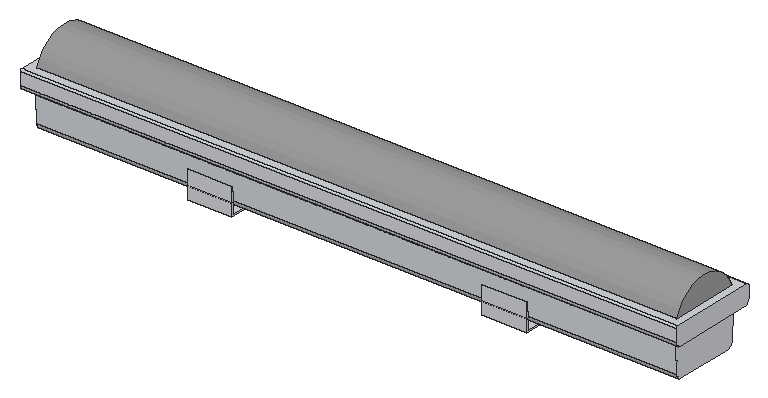
Revit family "0010203", category Lighting Fixtures, host Face, Revit 2017 (continued)
Types (60, lengths in mm): name | Weight | Wattage | TypeName | built-in parameter 1150134 | Photometric Web File | built-in parameter 1150142 | PowerFactor | PowerConsumption | NominalLength | Name | ModelReference | ModelNumber | Model | LuminousEfficacy | built-in parameter 1150105 | Lumens | LampNominalLuminous | LampMacAdamStep | LampColourTemperature | LENGHT_SYL | LENGHT_CHAMFER_SYL | LENGHT-_SYL | LENGHT-_CHAMFER_SYL | L0650_SYL | L1500_SYL | L1200_SYL | built-in parameter 1150107 | built-in parameter 1150106 | built-in parameter 1150104 | DocumentationLiterature | Description | BRACKET_WIDTH_SYL | BRACKET_DIST_SYL | Apparent Load
  0010244 RESISTO 1500 IP66 7100LM 840 | "15.48 kg" | 52 W | "Resisto  1500 IP66 7100lm 840" | 12 | "0010244.ies" | "IESNA:LM-63-2002\r\n[TEST] 0010244\r\n[TESTLAB] Sylvania\r\n[TESTDATE] 3 Nov 2020\r\n[ISSUEDATE] 3 Nov 2020\r\n[MANUFAC] Sylvania\r\n[LUMCAT] 0010244\r\n[LUMINAIRE] Resisto  1500 IP65 7100lm 840\r\n[FLASHAREA] 0.089789\r\n[LAMPCAT] 0010244 Resisto  1500 IP65 7100lm 840\r\n[LAMP] 0010244 Resisto  1500 IP65 7100lm 840\r\n[OTHER] Absolute Photometry\r\nTILT=NONE\r\n1 -1 1.0 37 5 1 2 0.087 1.500 0.040\r\n1.00 1.00 52.00\r\n0.00 5.00 10.00 15.00 20.00 25.00 30.00 35.00 40.00 45.00 \r\n50.00 55.00 60.00 65.00 70.00 75.00 80.00 85.00 90.00 \r\n95.00 100.00 105.00 110.00 115.00 120.00 125.00 130.00 \r\n135.00 140.00 145.00 150.00 155.00 160.00 165.00 170.00 \r\n175.00 180.00 \r\n0.00 22.50 45.00 67.50 90.00 \r\n2367.47 2356.02 2324.76 2272.20 2198.63 2105.24 1987.17 \r\n1846.52 1688.18 1517.62 1338.36 1156.08 971.57 783.85 \r\n591.59 393.32 202.43 52.39 6.01 6.30 6.57 6.76 7.10 7.68 \r\n8.39 9.20 10.13 11.16 12.31 13.49 14.68 15.88 17.00 18.00 \r\n18.82 19.40 19.74 \r\n2367.47 2349.24 2296.67 2224.41 2147.44 2064.85 1969.74 \r\n1864.14 1753.47 1637.55 1496.04 1306.61 1062.42 799.80 \r\n568.49 386.68 253.61 155.92 88.10 42.34 20.69 8.20 8.36 \r\n8.98 9.63 10.20 10.85 11.66 12.58 13.56 14.58 15.60 16.62 \r\n17.58 18.40 19.03 19.74 \r\n2367.47 2328.60 2259.79 2218.67 2171.13 2138.40 2120.20 \r\n2071.15 1967.59 1757.24 1446.66 1125.84 867.94 675.23 \r\n529.82 419.20 329.31 252.14 190.91 142.68 97.88 59.77 \r\n33.65 17.18 13.00 13.06 13.10 13.13 13.40 14.02 14.79 \r\n15.60 16.48 17.37 18.17 18.79 19.74 \r\n2367.47 2314.26 2259.55 2234.81 2232.44 2253.44 2231.61 \r\n2133.96 1911.56 1589.01 1283.83 1043.67 851.91 704.01 \r\n595.10 503.61 411.49 330.33 264.35 193.78 120.32 80.62 \r\n53.27 34.65 21.87 14.63 14.47 14.48 14.40 14.43 14.88 \r\n15.65 16.45 17.33 18.17 18.86 19.74 \r\n2367.47 2303.57 2263.14 2242.32 2275.54 2286.48 2253.15 \r\n2110.69 1838.62 1518.82 1247.27 1030.13 856.34 727.33 \r\n628.76 536.67 440.52 354.88 277.57 188.41 117.32 83.97 \r\n59.81 43.31 30.25 20.51 17.63 17.42 17.29 17.13 17.24 \r\n17.82 18.54 19.20 19.71 19.97 19.74 \r\n" | 0.95 | "52.0 W" | 1500 | "Resisto  1500 IP66 7100lm 840" | "Resisto  1500 IP66 7100lm 840" | "0010244" | "Resisto  1500 IP66 7100lm 840" | "137 lm/W" | -16865856.3 (stored number, unit not read) | 7124 lm | "7100 lm" | "5" | "4000 K" | 742 | 750 | -742 | -750 | no | yes | no | 4000 (stored number, unit not read) | -168658.6 (stored number, unit not read) | 12.728 (stored number, unit not read) | "http://www.sylvania-lighting.com/product/en-int/products/0010244" | "Resisto, integrated LED weatherproof luminaire, with UV stabilized flat diffuser designed to achieve uniform lit appearance, optimise light output and to reduce glare. 301 stainless steel diffuser clips and fixing brackets for surface mounting. Polycarbonate housing and diffuser - no yellow discolouration over time. 7100lm; 52W; 137lm/W; 4000K; SDCM<5; non dimmable; CRI80; IP66; IK08; Class I; 69,000hrs (L80B20) lifespan; 1500mm x 89mm x 88mm; D-mark." | 550 | 594 | 52 VA
  0010243 RESISTO 1500 IP66 4000LM 840 | "1.87 kg" | 30 W | "Resisto  1500 IP66 4000lm 840" | 12 | "0010243.ies" | "IESNA:LM-63-2002\r\n[TEST] 0010243\r\n[TESTLAB] Sylvania\r\n[TESTDATE] 27 Jan 2000\r\n[ISSUEDATE] 27 Jan 2000\r\n[MANUFAC] Sylvania\r\n[LUMCAT] 0010243\r\n[LUMINAIRE] RESISTO 1500 IP66 4000LM 840\r\n[FLASHAREA] 0.089789\r\n[LAMPCAT] 0010243 RESISTO 1500 IP66 4000LM 840\r\n[LAMP] 0010243 RESISTO 1500 IP66 4000LM 840\r\nTILT=NONE\r\n1 4000.00 1.0 37 5 1 2 1.500 0.087 0.040\r\n1.00 1.00 30.00\r\n0.00 5.00 10.00 15.00 20.00 25.00 30.00 35.00 40.00 45.00 \r\n50.00 55.00 60.00 65.00 70.00 75.00 80.00 85.00 90.00 \r\n95.00 100.00 105.00 110.00 115.00 120.00 125.00 130.00 \r\n135.00 140.00 145.00 150.00 155.00 160.00 165.00 170.00 \r\n175.00 180.00 \r\n0.00 22.50 45.00 67.50 90.00 \r\n1286.32 1268.98 1235.94 1226.29 1235.67 1250.19 1239.32 \r\n1175.04 1040.45 866.98 712.81 589.01 489.23 414.91 359.03 \r\n307.98 254.03 204.75 161.70 113.20 70.90 50.03 36.06 \r\n26.60 18.72 12.48 9.85 9.61 9.50 9.38 9.42 9.69 10.16 \r\n10.56 10.83 10.95 10.79 \r\n1286.32 1269.18 1235.63 1223.42 1220.13 1235.35 1227.78 \r\n1181.71 1069.65 900.02 732.90 597.68 489.39 405.10 343.03 \r\n291.50 239.47 192.43 153.86 115.48 71.85 48.58 32.57 \r\n22.01 14.17 8.83 8.00 7.93 7.85 7.85 8.00 8.44 8.95 9.42 \r\n9.85 10.24 10.79 \r\n1286.32 1274.98 1239.36 1214.05 1191.84 1175.16 1166.84 \r\n1143.50 1092.49 985.60 822.80 647.44 502.77 392.94 309.79 \r\n246.89 196.15 151.66 115.40 87.74 60.74 37.94 22.29 12.12 \r\n7.49 7.34 7.26 7.26 7.26 7.53 7.97 8.44 8.91 9.38 9.81 \r\n10.16 10.79 \r\n1286.32 1282.32 1258.98 1221.89 1180.54 1135.49 1084.05 \r\n1028.02 970.22 909.44 836.65 737.53 606.12 461.80 332.78 \r\n230.45 154.88 99.39 59.45 31.04 16.01 6.67 4.67 5.06 5.38 \r\n5.65 5.96 6.36 6.83 7.34 7.89 8.44 9.02 9.50 9.93 10.32 \r\n10.79 \r\n1286.32 1282.05 1267.10 1242.22 1204.20 1153.46 1089.97 \r\n1014.52 929.92 838.89 742.83 644.50 545.22 444.30 341.18 \r\n234.41 129.17 41.04 3.45 3.45 3.57 3.65 3.69 4.00 4.43 \r\n4.87 5.38 5.93 6.55 7.22 7.89 8.55 9.18 9.77 10.20 10.56 \r\n10.79 \r\n" | 0.95 | "30 W" | 1500 | "Resisto  1500 IP66 4000lm 840" | "Resisto  1500 IP66 4000lm 840" | "0010243" | "Resisto  1500 IP66 4000lm 840" | "133 lm/W" | 1283.1 (stored number, unit not read) | 3990 lm | "4000 lm" | "5" | "4000 K" | 742 | 750 | -742 | -750 | no | yes | no | 4000 (stored number, unit not read) | 12.831 (stored number, unit not read) | 12.356 (stored number, unit not read) | "http://www.sylvania-lighting.com/product/en-int/products/0010243" | "Resisto, integrated LED weatherproof luminaire, with UV stabilized flat diffuser designed to achieve uniform lit appearance, optimise light output and to reduce glare. 301 stainless steel diffuser clips and fixing brackets for surface mounting. Polycarbonate housing and diffuser - no yellow discolouration over time. 4000lm; 30W; 133lm/W; 4000K; SDCM<5; non dimmable; CRI80; IP66; IK08; Class I; 69,000hrs (L80B20) lifespan; 1500mm x 89mm x 88mm; D-mark." | 550 | 594 | 30 VA
  0010242 RESISTO 1500 IP66 8300LM 830 | "1.95 kg" | 61 W | "Resisto  1500 IP66 8300lm 830" | (empty or 0) | "0010242.ies" | "IESNA:LM-63-2002\r\n[TEST] 0010242\r\n[TESTLAB]\r\n[MANUFAC] \r\n[LUMCAT]\r\n[LUMINAIRE] Resisto  1500 IP66 8300lm 830  /3000 \r\n[LAMP] 0010242 Resisto  1500 IP66 830/3000\r\n[BALLAST] \r\n[ISSUEDATE]\r\n[OTHER] B-Angle = 0.00 B-Tilt = 0.00 2021-02-16\r\nTILT=NONE\r\n1 8300.00 1 37 5 1 2 0.087 1.500 0.040\r\n1.0 1.0 61.00\r\n   0.00   5.00  10.00  15.00  20.00  25.00  30.00  35.00  40.00  45.00\r\n  50.00  55.00  60.00  65.00  70.00  75.00  80.00  85.00  90.00  95.00\r\n 100.00 105.00 110.00 115.00 120.00 125.00 130.00 135.00 140.00 145.00\r\n 150.00 155.00 160.00 165.00 170.00 175.00 180.00\r\n   0.00  22.50  45.00  67.50  90.00\r\n    2794.11    2777.43    2737.84    2672.02    2584.70    2469.75    2325.99\r\n    2158.25    1971.91    1771.55    1562.47    1349.33    1134.94     915.49\r\n     690.23     457.99     236.05      63.83       7.39       7.72       8.05\r\n       8.30       8.47       9.21      10.04      11.12      12.20      13.45\r\n      14.86      16.27      17.76      19.26      20.50      21.66      22.66\r\n      23.41      23.74\r\n    2794.11    2766.39    2701.24    2614.58    2523.45    2425.18    2311.22\r\n    2185.47    2055.91    1917.63    1746.65    1516.74    1223.75     916.65\r\n     650.47     441.56     288.59     177.04      99.43      46.89      23.24\r\n       9.71      10.04      10.79      11.62      12.28      13.03      14.03\r\n      15.11      16.27      17.51      18.76      19.92      21.00      21.91\r\n      22.66      23.74\r\n    2794.11    2741.99    2662.31    2613.09    2558.06    2525.86    2501.79\r\n    2443.11    2306.74    2041.38    1666.39    1295.71    1000.73     780.03\r\n     613.29     486.38     381.80     291.41     220.53     164.17     110.89\r\n      67.81      38.18      19.92      15.44      15.52      15.60      15.60\r\n      16.02      16.77      17.68      18.59      19.59      20.58      21.50\r\n      22.24      23.74\r\n    2794.11    2726.96    2665.96    2636.83    2646.95    2668.12    2640.56\r\n    2510.25    2225.56    1840.69    1490.60    1214.54     994.42     826.18\r\n     700.93     591.71     482.31     386.78     307.76     220.53     135.79\r\n      92.05      61.59      40.59      25.65      17.35      17.10      17.10\r\n      17.01      17.10      17.68      18.59      19.42      20.42      21.41\r\n      22.24      23.74\r\n    2794.11    2719.08    2674.92    2652.85    2699.66    2715.59    2670.03\r\n    2485.19    2145.30    1768.73    1455.90    1204.50    1006.04     859.05\r\n     744.51     633.79     519.00     417.24     320.96     214.06     134.96\r\n      97.61      70.22      51.13      35.94      24.40      21.00      20.67\r\n      20.50      20.25      20.42      21.16      22.08      22.74      23.41\r\n      23.65      23.74\r\n" | 0.95 | "61 W" | 1500 | "Resisto  1500 IP66 8300lm 830" | "Resisto  1500 IP66 8300lm 830" | "0010242" | "Resisto  1500 IP66 8300lm 830" | "136 lm/W" | 2792.8 (stored number, unit not read) | 8296 lm | "8300 lm" | "5" | "3000 K" | 742 | 750 | -742 | -750 | no | yes | no | 3000 (stored number, unit not read) | 27.928 (stored number, unit not read) | 12.635 (stored number, unit not read) | "http://www.sylvania-lighting.com/product/en-int/products/0010242" | "Resisto, integrated LED weatherproof luminaire, with UV stabilized flat diffuser designed to achieve uniform lit appearance, optimise light output and to reduce glare. 301 stainless steel diffuser clips and fixing brackets for surface mounting. Polycarbonate housing and diffuser - no yellow discolouration over time. 8300lm; 61W; 136lm/W; 3000K; SDCM<5; non dimmable; CRI80; IP66; IK08; Class I; 69,000hrs (L80B20) lifespan; 1500mm x 89mm x 88mm; D-mark." | 550 | 594 | 61 VA
  0010241 RESISTO 1500 IP66 7100LM 830 | "1.95 kg" | 52 W | "Resisto  1500 IP66 7100lm 830" | (empty or 0) | "0010241.ies" | "IESNA:LM-63-2002\r\n[TEST] 0010241\r\n[TESTLAB]\r\n[MANUFAC] \r\n[LUMCAT]\r\n[LUMINAIRE] Resisto  1500 IP66 7100lm 830  /3000 \r\n[LAMP] 0010241 Resisto  1500 IP66 710/3000\r\n[BALLAST] \r\n[ISSUEDATE]\r\n[OTHER] B-Angle = 0.00 B-Tilt = 0.00 2021-02-16\r\nTILT=NONE\r\n1 7100.00 1 37 5 1 2 0.087 1.500 0.040\r\n1.0 1.0 52.00\r\n   0.00   5.00  10.00  15.00  20.00  25.00  30.00  35.00  40.00  45.00\r\n  50.00  55.00  60.00  65.00  70.00  75.00  80.00  85.00  90.00  95.00\r\n 100.00 105.00 110.00 115.00 120.00 125.00 130.00 135.00 140.00 145.00\r\n 150.00 155.00 160.00 165.00 170.00 175.00 180.00\r\n   0.00  22.50  45.00  67.50  90.00\r\n    2367.50    2355.99    2324.75    2272.21    2198.66    2105.22    1987.15\r\n    1846.50    1688.17    1517.63    1338.35    1156.09     971.56     783.84\r\n     591.57     393.34     202.42      52.40       6.04       6.32       6.60\r\n       6.74       7.10       7.67       8.38       9.23      10.15      11.15\r\n      12.28      13.49      14.70      15.90      16.97      17.96      18.82\r\n      19.38      19.74\r\n    2367.50    2349.25    2296.64    2224.43    2147.47    2064.82    1969.75\r\n    1864.18    1753.49    1637.54    1496.04    1306.61    1062.44     799.82\r\n     568.50     386.67     253.61     155.92      88.11      42.32      20.66\r\n       8.24       8.38       8.95       9.66      10.22      10.86      11.64\r\n      12.57      13.56      14.55      15.62      16.61      17.61      18.39\r\n      19.03      19.74\r\n    2367.50    2328.59    2259.79    2218.68    2171.11    2138.38    2120.20\r\n    2071.14    1967.62    1757.25    1446.63    1125.85     867.98     675.21\r\n     529.80     419.18     329.30     252.12     190.92     142.71      97.91\r\n      59.78      33.65      17.18      12.99      13.06      13.14      13.14\r\n      13.42      14.06      14.77      15.62      16.47      17.40      18.18\r\n      18.82      19.74\r\n    2367.50    2314.25    2259.57    2234.80    2232.45    2253.47    2231.60\r\n    2133.98    1911.53    1588.98    1283.82    1043.70     851.93     704.04\r\n     595.12     503.60     411.52     330.36     264.33     193.76     120.35\r\n      80.59      53.25      34.65      21.87      14.63      14.48      14.48\r\n      14.41      14.41      14.91      15.62      16.47      17.32      18.18\r\n      18.89      19.74\r\n    2367.50    2303.60    2263.13    2242.32    2275.55    2286.48    2253.19\r\n    2110.69    1838.62    1518.83    1247.26    1030.14     856.33     727.32\r\n     628.78     536.69     440.55     354.86     277.54     188.43     117.29\r\n      83.99      59.78      43.31      30.25      20.52      17.61      17.40\r\n      17.32      17.11      17.25      17.82      18.53      19.17      19.74\r\n      19.95      19.74\r\n" | 0.95 | "52 W" | 1500 | "Resisto  1500 IP66 7100lm 830" | "Resisto  1500 IP66 7100lm 830" | "0010241" | "Resisto  1500 IP66 7100lm 830" | "137 lm/W" | 2375.5 (stored number, unit not read) | 7124 lm | "7100 lm" | "5" | "3000 K" | 742 | 750 | -742 | -750 | no | yes | no | 3000 (stored number, unit not read) | 23.755 (stored number, unit not read) | 12.728 (stored number, unit not read) | "http://www.sylvania-lighting.com/product/en-int/products/0010241" | "Resisto, integrated LED weatherproof luminaire, with UV stabilized flat diffuser designed to achieve uniform lit appearance, optimise light output and to reduce glare. 301 stainless steel diffuser clips and fixing brackets for surface mounting. Polycarbonate housing and diffuser - no yellow discolouration over time. 7100lm; 52W; 137lm/W; 3000K; SDCM<5; non dimmable; CRI80; IP66; IK08; Class I; 69,000hrs (L80B20) lifespan; 1500mm x 89mm x 88mm; D-mark." | 550 | 594 | 52 VA
  0010240 RESISTO 1500 IP66 4000LM 830 | "1.87 kg" | 30 W | "Resisto  1500 IP66 4000lm 830" | (empty or 0) | "0010240.ies" | "IESNA:LM-63-2002\r\n[TEST] 0010240\r\n[TESTLAB]\r\n[MANUFAC] \r\n[LUMCAT]\r\n[LUMINAIRE] Resisto  1500 IP66 4000lm 830  /3000 \r\n[LAMP] 0010240 Resisto  1500 IP66 400/3000\r\n[BALLAST] \r\n[ISSUEDATE]\r\n[OTHER] B-Angle = 0.00 B-Tilt = 0.00 2021-02-16\r\nTILT=NONE\r\n1 4000.00 1 37 5 1 2 0.087 1.500 0.040\r\n1.0 1.0 30.00\r\n   0.00   5.00  10.00  15.00  20.00  25.00  30.00  35.00  40.00  45.00\r\n  50.00  55.00  60.00  65.00  70.00  75.00  80.00  85.00  90.00  95.00\r\n 100.00 105.00 110.00 115.00 120.00 125.00 130.00 135.00 140.00 145.00\r\n 150.00 155.00 160.00 165.00 170.00 175.00 180.00\r\n   0.00  22.50  45.00  67.50  90.00\r\n    1286.32    1282.04    1267.08    1242.24    1204.20    1153.48    1089.96\r\n    1014.52     929.92     838.88     742.84     644.48     545.24     444.32\r\n     341.20     234.40     129.16      41.04       3.44       3.44       3.56\r\n       3.64       3.68       4.00       4.44       4.88       5.36       5.92\r\n       6.56       7.24       7.88       8.56       9.20       9.76      10.20\r\n      10.56      10.80\r\n    1286.32    1282.32    1258.96    1221.88    1180.52    1135.48    1084.04\r\n    1028.00     970.20     909.44     836.64     737.52     606.12     461.80\r\n     332.80     230.44     154.88      99.40      59.44      31.04      16.00\r\n       6.68       4.68       5.08       5.36       5.64       5.96       6.36\r\n       6.84       7.32       7.88       8.44       9.04       9.48       9.92\r\n      10.32      10.80\r\n    1286.32    1275.00    1239.36    1214.04    1191.84    1175.16    1166.84\r\n    1143.48    1092.48     985.60     822.80     647.44     502.76     392.92\r\n     309.80     246.88     196.16     151.64     115.40      87.72      60.76\r\n      37.96      22.28      12.12       7.48       7.32       7.24       7.24\r\n       7.24       7.52       7.96       8.44       8.92       9.36       9.80\r\n      10.16      10.80\r\n    1286.32    1269.16    1235.64    1223.44    1220.12    1235.36    1227.80\r\n    1181.72    1069.64     900.00     732.92     597.68     489.40     405.12\r\n     343.04     291.52     239.48     192.44     153.84     115.48      71.84\r\n      48.56      32.56      22.00      14.16       8.84       8.00       7.92\r\n       7.84       7.84       8.00       8.44       8.96       9.40       9.84\r\n      10.24      10.80\r\n    1286.32    1269.00    1235.96    1226.28    1235.68    1250.20    1239.32\r\n    1175.04    1040.44     867.00     712.80     589.00     489.24     414.92\r\n     359.04     308.00     254.04     204.76     161.72     113.20      70.92\r\n      50.04      36.08      26.60      18.72      12.48       9.84       9.60\r\n       9.48       9.36       9.40       9.68      10.16      10.56      10.84\r\n      10.96      10.80\r\n" | 0.95 | "30 W" | 1500 | "Resisto  1500 IP66 4000lm 830" | "Resisto  1500 IP66 4000lm 830" | "0010240" | "Resisto  1500 IP66 4000lm 830" | "133 lm/W" | 1283.1 (stored number, unit not read) | 3990 lm | "4000 lm" | "5" | "3000 K" | 742 | 750 | -742 | -750 | no | yes | no | 3000 (stored number, unit not read) | 12.831 (stored number, unit not read) | 12.356 (stored number, unit not read) | "http://www.sylvania-lighting.com/product/en-int/products/0010240" | "Resisto, integrated LED weatherproof luminaire, with UV stabilized flat diffuser designed to achieve uniform lit appearance, optimise light output and to reduce glare. 301 stainless steel diffuser clips and fixing brackets for surface mounting. Polycarbonate housing and diffuser - no yellow discolouration over time. 4000lm; 30W; 133lm/W; 3000K; SDCM<5; non dimmable; CRI80; IP66; IK08; Class I; 69,000hrs (L80B20) lifespan; 1500mm x 89mm x 88mm; D-mark." | 550 | 594 | 30 VA
  0010237 RESISTO 1200 HE IP66 DALI 4800LM 840 | "1.59 kg" | 31 W | "Resisto  1200 HE IP66 DALI 4800lm 840" | 12 | "0010237.ies" | "IESNA:LM-63-2002\r\n[TEST] 0010237\r\n[TESTLAB]\r\n[MANUFAC] \r\n[LUMCAT]\r\n[LUMINAIRE] Resisto  1200 HE IP66 DALI 480 0lm 840 /4000 \r\n[LAMP] 0010237 Resisto  1200 HE IP66 /4000\r\n[BALLAST] \r\n[ISSUEDATE]\r\n[OTHER] B-Angle = 0.00 B-Tilt = 0.00 2021-02-16\r\nTILT=NONE\r\n1 4800.00 1 37 5 1 2 0.087 1.200 0.040\r\n1.0 1.0 31.00\r\n   0.00   5.00  10.00  15.00  20.00  25.00  30.00  35.00  40.00  45.00\r\n  50.00  55.00  60.00  65.00  70.00  75.00  80.00  85.00  90.00  95.00\r\n 100.00 105.00 110.00 115.00 120.00 125.00 130.00 135.00 140.00 145.00\r\n 150.00 155.00 160.00 165.00 170.00 175.00 180.00\r\n   0.00  22.50  45.00  67.50  90.00\r\n    1585.30    1578.91    1557.22    1520.74    1469.66    1401.70    1317.94\r\n    1219.39    1109.18     989.81     864.72     736.13     606.34     476.21\r\n     348.19     224.11     111.22      27.50       4.18       4.37       4.27\r\n       4.08       4.51       4.99       5.57       6.19       6.82       7.54\r\n       8.26       9.02       9.84      10.61      11.38      12.10      12.72\r\n      13.10      13.30\r\n    1585.30    1570.46    1538.98    1498.70    1452.77    1396.03    1324.27\r\n    1241.28    1151.66    1052.98     942.19     811.20     658.03     504.43\r\n     370.46     260.59     174.00     108.24      60.86      27.89      13.54\r\n       5.33       5.57       6.00       6.48       6.91       7.34       7.92\r\n       8.54       9.31      10.03      10.75      11.47      12.14      12.58\r\n      13.01      13.30\r\n    1585.30    1561.15    1534.03    1512.67    1473.50    1439.71    1393.78\r\n    1337.04    1254.29    1125.07     948.14     769.01     616.85     494.54\r\n     396.24     315.60     248.40     191.57     144.72     104.69      70.94\r\n      43.82      23.71      11.33       8.78       8.98       9.07       9.17\r\n       9.36       9.70      10.13      10.70      11.38      12.05      12.62\r\n      12.96      13.30\r\n    1585.30    1555.73    1542.58    1520.30    1508.74    1481.04    1448.88\r\n    1376.93    1246.27    1070.35     897.55     750.29     627.46     526.90\r\n     443.95     373.97     310.37     252.43     201.26     147.98      99.12\r\n      67.34      45.65      29.04      17.09      10.80      10.61      10.42\r\n      10.32      10.32      10.46      10.80      11.33      12.00      12.62\r\n      13.06      13.30\r\n    1585.30    1554.14    1545.98    1525.30    1522.85    1497.60    1461.26\r\n    1376.26    1223.62    1048.85     887.38     750.24     635.04     542.21\r\n     463.87     396.82     332.78     271.87     213.46     153.31     104.16\r\n      75.26      53.14      36.91      24.53      15.22      12.96      12.67\r\n      12.38      12.19      12.14      12.29      12.58      13.01      13.34\r\n      13.49      13.30\r\n" | 0.98 | "31 W" | 1200 | "Resisto  1200 HE IP66 DALI 4800lm 840" | "Resisto  1200 HE IP66 DALI 4800lm 840" | "0010237" | "Resisto  1200 HE IP66 DALI 4800lm 840" | "155 lm/W" | 1587 (stored number, unit not read) | 4805 lm | "4800 lm" | "3" | "4000 K" | 592 | 600 | -592 | -600 | no | no | yes | 4000 (stored number, unit not read) | 15.87 (stored number, unit not read) | 14.4 (stored number, unit not read) | "http://www.sylvania-lighting.com/product/en-int/products/0010237" | "Resisto, integrated LED weatherproof luminaire, with UV stabilized flat diffuser designed to achieve uniform lit appearance, optimise light output and to reduce glare. 301 stainless steel diffuser clips and fixing brackets for surface mounting. Polycarbonate housing and diffuser - no yellow discolouration over time. 4800lm; 31W; 155lm/W; 4000K; SDCM<3; DALI dimmable; CRI80; IP66; IK08; Class I; 69,000hrs (L80B20) lifespan; 1200mm x 89mm x 88mm; D-mark." | 400 | 444 | 31 VA
  0010236 RESISTO 1200 HE IP66 DALI 2800LM 840 | "1.51 kg" | 18 W | "Resisto  1200 HE IP66 DALI 2800lm 840" | 12 | "0010236.ies" | "IESNA:LM-63-2002\r\n[TEST] 0010236\r\n[TESTLAB]\r\n[MANUFAC] \r\n[LUMCAT]\r\n[LUMINAIRE] Resisto  1200 HE IP66 DALI 280 0lm 840 /4000 \r\n[LAMP] 0010236 Resisto  1200 HE IP66 /4000\r\n[BALLAST] \r\n[ISSUEDATE]\r\n[OTHER] B-Angle = 0.00 B-Tilt = 0.00 2021-02-16\r\nTILT=NONE\r\n1 2800.00 1 37 5 1 2 0.087 1.200 0.040\r\n1.0 1.0 18.00\r\n   0.00   5.00  10.00  15.00  20.00  25.00  30.00  35.00  40.00  45.00\r\n  50.00  55.00  60.00  65.00  70.00  75.00  80.00  85.00  90.00  95.00\r\n 100.00 105.00 110.00 115.00 120.00 125.00 130.00 135.00 140.00 145.00\r\n 150.00 155.00 160.00 165.00 170.00 175.00 180.00\r\n   0.00  22.50  45.00  67.50  90.00\r\n     920.25     916.16     903.39     881.58     851.51     811.86     762.22\r\n     704.59     640.53     571.26     498.57     424.09     349.02     273.95\r\n     200.48     129.08      64.18      16.44       2.49       2.46       2.55\r\n       2.35       2.52       2.80       3.14       3.47       3.84       4.26\r\n       4.68       5.12       5.60       6.05       6.50       6.92       7.25\r\n       7.48       7.62\r\n     920.25     914.98     897.79     871.81     841.74     808.05     766.30\r\n     716.74     662.82     605.22     542.33     469.95     385.36     297.58\r\n     218.79     153.41     101.86      62.69      34.80      15.71       7.48\r\n       2.97       3.14       3.39       3.67       3.92       4.20       4.54\r\n       4.93       5.35       5.77       6.19       6.61       6.97       7.25\r\n       7.48       7.62\r\n     920.25     910.73     890.32     876.46     854.70     830.14     805.45\r\n     771.12     727.55     658.70     561.04     455.90     364.20     290.72\r\n     232.06     184.27     144.65     111.30      83.92      60.73      41.41\r\n      25.65      13.89       6.47       4.98       5.10       5.15       5.21\r\n       5.32       5.52       5.77       6.10       6.50       6.89       7.22\r\n       7.45       7.62\r\n     920.25     907.14     893.34     883.18     871.08     858.73     838.96\r\n     802.51     735.45     635.46     532.84     443.74     370.30     309.90\r\n     260.18     218.51     181.36     147.64     118.24      88.48      59.44\r\n      40.32      27.13      17.16       9.97       6.16       6.05       5.96\r\n       5.91       5.94       5.99       6.19       6.50       6.92       7.28\r\n       7.53       7.62\r\n     920.25     906.22     895.47     885.05     880.82     867.13     850.36\r\n     806.85     725.45     623.59     526.46     444.02     375.09     319.23\r\n     272.75     233.07     196.00     160.72     127.26      92.93      62.80\r\n      45.22      31.75      22.06      14.62       8.99       7.48       7.28\r\n       7.11       7.00       6.97       7.06       7.22       7.48       7.67\r\n       7.73       7.62\r\n" | 0.98 | "18 W" | 1200 | "Resisto  1200 HE IP66 DALI 2800lm 840" | "Resisto  1200 HE IP66 DALI 2800lm 840" | "0010236" | "Resisto  1200 HE IP66 DALI 2800lm 840" | "156 lm/W" | 922.88 (stored number, unit not read) | 2808 lm | "2800 lm" | "3" | "4000 K" | 592 | 600 | -592 | -600 | no | no | yes | 4000 (stored number, unit not read) | 9.2288 (stored number, unit not read) | 14.493 (stored number, unit not read) | "http://www.sylvania-lighting.com/product/en-int/products/0010236" | "Resisto, integrated LED weatherproof luminaire, with UV stabilized flat diffuser designed to achieve uniform lit appearance, optimise light output and to reduce glare. 301 stainless steel diffuser clips and fixing brackets for surface mounting. Polycarbonate housing and diffuser - no yellow discolouration over time. 2800lm; 18W; 156lm/W; 4000K; SDCM<3; DALI dimmable; CRI80; IP66; IK08; Class I; 69,000hrs (L80B20) lifespan; 1200mm x 89mm x 88mm; D-mark." | 400 | 444 | 18 VA
  0010235 RESISTO 1200 HE IP66 4800LM 840 EM | "2.12 kg" | 35 W | "Resisto  1200 HE IP66 4800lm 840 EM" | 12 | "0010235.ies" | "IESNA:LM-63-2002\r\n[TEST] 0010235\r\n[TESTLAB]\r\n[MANUFAC] \r\n[LUMCAT]\r\n[LUMINAIRE] Resisto  1200 HE IP66 4800lm 8 40 EM /4000 \r\n[LAMP] 0010235 Resisto  1200 HE IP66 /4000\r\n[BALLAST] \r\n[ISSUEDATE]\r\n[OTHER] B-Angle = 0.00 B-Tilt = 0.00 2021-02-16\r\nTILT=NONE\r\n1 4800.00 1 37 5 1 2 0.087 1.200 0.040\r\n1.0 1.0 35.00\r\n   0.00   5.00  10.00  15.00  20.00  25.00  30.00  35.00  40.00  45.00\r\n  50.00  55.00  60.00  65.00  70.00  75.00  80.00  85.00  90.00  95.00\r\n 100.00 105.00 110.00 115.00 120.00 125.00 130.00 135.00 140.00 145.00\r\n 150.00 155.00 160.00 165.00 170.00 175.00 180.00\r\n   0.00  22.50  45.00  67.50  90.00\r\n    1585.30    1578.91    1557.22    1520.74    1469.66    1401.70    1317.94\r\n    1219.39    1109.18     989.81     864.72     736.13     606.34     476.21\r\n     348.19     224.11     111.22      27.50       4.18       4.37       4.27\r\n       4.08       4.51       4.99       5.57       6.19       6.82       7.54\r\n       8.26       9.02       9.84      10.61      11.38      12.10      12.72\r\n      13.10      13.30\r\n    1585.30    1570.46    1538.98    1498.70    1452.77    1396.03    1324.27\r\n    1241.28    1151.66    1052.98     942.19     811.20     658.03     504.43\r\n     370.46     260.59     174.00     108.24      60.86      27.89      13.54\r\n       5.33       5.57       6.00       6.48       6.91       7.34       7.92\r\n       8.54       9.31      10.03      10.75      11.47      12.14      12.58\r\n      13.01      13.30\r\n    1585.30    1561.15    1534.03    1512.67    1473.50    1439.71    1393.78\r\n    1337.04    1254.29    1125.07     948.14     769.01     616.85     494.54\r\n     396.24     315.60     248.40     191.57     144.72     104.69      70.94\r\n      43.82      23.71      11.33       8.78       8.98       9.07       9.17\r\n       9.36       9.70      10.13      10.70      11.38      12.05      12.62\r\n      12.96      13.30\r\n    1585.30    1555.73    1542.58    1520.30    1508.74    1481.04    1448.88\r\n    1376.93    1246.27    1070.35     897.55     750.29     627.46     526.90\r\n     443.95     373.97     310.37     252.43     201.26     147.98      99.12\r\n      67.34      45.65      29.04      17.09      10.80      10.61      10.42\r\n      10.32      10.32      10.46      10.80      11.33      12.00      12.62\r\n      13.06      13.30\r\n    1585.30    1554.14    1545.98    1525.30    1522.85    1497.60    1461.26\r\n    1376.26    1223.62    1048.85     887.38     750.24     635.04     542.21\r\n     463.87     396.82     332.78     271.87     213.46     153.31     104.16\r\n      75.26      53.14      36.91      24.53      15.22      12.96      12.67\r\n      12.38      12.19      12.14      12.29      12.58      13.01      13.34\r\n      13.49      13.30\r\n" | 0.95 | "35 W" | 1200 | "Resisto  1200 HE IP66 4800lm 840 EM" | "Resisto  1200 HE IP66 4800lm 840 EM" | "0010235" | "Resisto  1200 HE IP66 4800lm 840 EM" | "137 lm/W" | 1583.6 (stored number, unit not read) | 4795 lm | "4800 lm" | "3" | "4000 K" | 592 | 600 | -592 | -600 | no | no | yes | 4000 (stored number, unit not read) | 15.836 (stored number, unit not read) | 12.728 (stored number, unit not read) | "http://www.sylvania-lighting.com/product/en-int/products/0010235" | "Resisto, integrated LED weatherproof luminaire, with UV stabilized flat diffuser designed to achieve uniform lit appearance, optimise light output and to reduce glare. 301 stainless steel diffuser clips and fixing brackets for surface mounting. Polycarbonate housing and diffuser - no yellow discolouration over time. 4800lm; 35W; 137lm/W; 4000K; SDCM<3; non dimmable; CRI80; IP66; IK08; Class I; 69,000hrs (L80B20) lifespan; 1200mm x 89mm x 88mm; D-mark; 3-hour maintained emergency batteries." | 400 | 444 | 35 VA
  0010234 RESISTO 1200 HE IP66 2800LM 840 EM | "2.12 kg" | 22 W | "Resisto  1200 HE IP66 2800lm 840 EM" | 12 | "0010234.ies" | "IESNA:LM-63-2002\r\n[TEST] 0010234\r\n[TESTLAB]\r\n[MANUFAC] \r\n[LUMCAT]\r\n[LUMINAIRE] Resisto  1200 HE IP66 2800lm 8 40 EM /4000 \r\n[LAMP] 0010234 Resisto  1200 HE IP66 /4000\r\n[BALLAST] \r\n[ISSUEDATE]\r\n[OTHER] B-Angle = 0.00 B-Tilt = 0.00 2021-02-16\r\nTILT=NONE\r\n1 2800.00 1 37 5 1 2 0.087 1.200 0.040\r\n1.0 1.0 22.00\r\n   0.00   5.00  10.00  15.00  20.00  25.00  30.00  35.00  40.00  45.00\r\n  50.00  55.00  60.00  65.00  70.00  75.00  80.00  85.00  90.00  95.00\r\n 100.00 105.00 110.00 115.00 120.00 125.00 130.00 135.00 140.00 145.00\r\n 150.00 155.00 160.00 165.00 170.00 175.00 180.00\r\n   0.00  22.50  45.00  67.50  90.00\r\n     920.25     916.16     903.39     881.58     851.51     811.86     762.22\r\n     704.59     640.53     571.26     498.57     424.09     349.02     273.95\r\n     200.48     129.08      64.18      16.44       2.49       2.46       2.55\r\n       2.35       2.52       2.80       3.14       3.47       3.84       4.26\r\n       4.68       5.12       5.60       6.05       6.50       6.92       7.25\r\n       7.48       7.62\r\n     920.25     914.98     897.79     871.81     841.74     808.05     766.30\r\n     716.74     662.82     605.22     542.33     469.95     385.36     297.58\r\n     218.79     153.41     101.86      62.69      34.80      15.71       7.48\r\n       2.97       3.14       3.39       3.67       3.92       4.20       4.54\r\n       4.93       5.35       5.77       6.19       6.61       6.97       7.25\r\n       7.48       7.62\r\n     920.25     910.73     890.32     876.46     854.70     830.14     805.45\r\n     771.12     727.55     658.70     561.04     455.90     364.20     290.72\r\n     232.06     184.27     144.65     111.30      83.92      60.73      41.41\r\n      25.65      13.89       6.47       4.98       5.10       5.15       5.21\r\n       5.32       5.52       5.77       6.10       6.50       6.89       7.22\r\n       7.45       7.62\r\n     920.25     907.14     893.34     883.18     871.08     858.73     838.96\r\n     802.51     735.45     635.46     532.84     443.74     370.30     309.90\r\n     260.18     218.51     181.36     147.64     118.24      88.48      59.44\r\n      40.32      27.13      17.16       9.97       6.16       6.05       5.96\r\n       5.91       5.94       5.99       6.19       6.50       6.92       7.28\r\n       7.53       7.62\r\n     920.25     906.22     895.47     885.05     880.82     867.13     850.36\r\n     806.85     725.45     623.59     526.46     444.02     375.09     319.23\r\n     272.75     233.07     196.00     160.72     127.26      92.93      62.80\r\n      45.22      31.75      22.06      14.62       8.99       7.48       7.28\r\n       7.11       7.00       6.97       7.06       7.22       7.48       7.67\r\n       7.73       7.62\r\n" | 0.95 | "22 W" | 1200 | "Resisto  1200 HE IP66 2800lm 840 EM" | "Resisto  1200 HE IP66 2800lm 840 EM" | "0010234" | "Resisto  1200 HE IP66 2800lm 840 EM" | "127 lm/W" | 918.28 (stored number, unit not read) | 2794 lm | "2800 lm" | "3" | "4000 K" | 592 | 600 | -592 | -600 | no | no | yes | 4000 (stored number, unit not read) | 9.1828 (stored number, unit not read) | 11.799 (stored number, unit not read) | "http://www.sylvania-lighting.com/product/en-int/products/0010234" | "Resisto, integrated LED weatherproof luminaire, with UV stabilized flat diffuser designed to achieve uniform lit appearance, optimise light output and to reduce glare. 301 stainless steel diffuser clips and fixing brackets for surface mounting. Polycarbonate housing and diffuser - no yellow discolouration over time. 2800lm; 22W; 127lm/W; 4000K; SDCM<3; non dimmable; CRI80; IP66; IK08; Class I; 69,000hrs (L80B20) lifespan; 1200mm x 89mm x 88mm; D-mark; 3-hour maintained emergency batteries." | 400 | 444 | 22 VA
